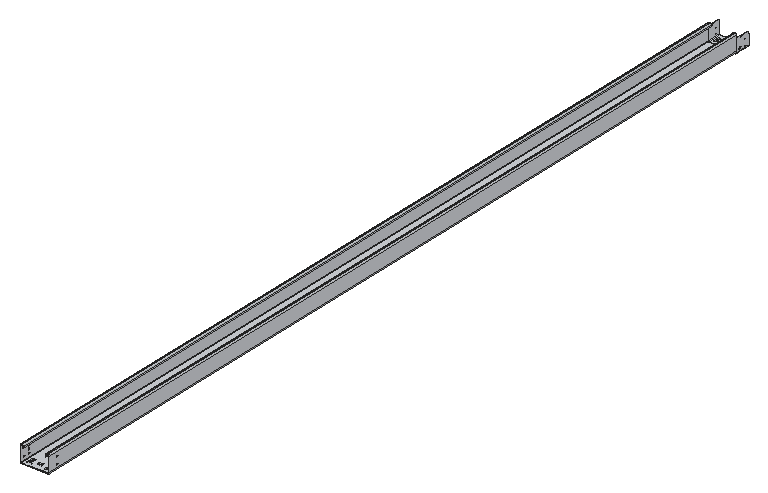
Revit family "SKSMUKabelrinne SKS-Magic® 60 ungelocht FS_FT_A2_610_615_620_630_640_650_660", category Generic Models, Revit 2017
Family settings
  Can host rebar = No
  Round Connector Dimension = Use Diameter
  Part Type = Normal
  Work Plane-Based = No
  Always vertical = Yes
  Cut with Voids When Loaded = No
  Shared = No
  Room Calculation Point = No
Parameters (values of type "SKSMU 610 A2")
  Width 2 = 6.5 mm
  Width 1 = Width / 2  # 50 mm
  Width = 100 mm
  URL = "http://www.obo-bettermann.com"
  Material = Edelstahl, rostfrei 1.4301
  Manufacturer Art.No. = "6059722"
  Manufacturer = "OBO BETTERMANN"
  Length 2 = 49.812 mm
  Length 1 = 3000 mm
  Length = 3050 mm
  GTIN = "4012195830689"
  Cut's number = 2
  Article Type = "SKSMU 610 A2"
Types (21, lengths in mm): name | Width 1 | Width | Material | Manufacturer Art.No. | GTIN | Article Type
  (no name) | 50 | 100 | Edelstahl, rostfrei 1.4301 | "6059722" | "4012195830689" | "SKSMU 610 A2"
  SKSMU 610 FS | 50 | 100 | Strip-galvanised | "6059688" | "4012195829843" | "SKSMU 610 FS"
  SKSMU 615 FS | 75 | 150 | Strip-galvanised | "6059690" | "4012195829850" | "SKSMU 615 FS"
  SKSMU 620 FS | 100 | 200 | Strip-galvanised | "6059692" | "4012195829867" | "SKSMU 620 FS"
  SKSMU 630 FS | 150 | 300 | Hot-dip galvanised | "6059694" | "4012195829874" | "SKSMU 630 FS"
  SKSMU 640 FS | 200 | 400 | Hot-dip galvanised | "6059696" | "4012195829881" | "SKSMU 640 FS"
  SKSMU 650 FS | 250 | 500 | Strip-galvanised | "6059698" | "4012195829898" | "SKSMU 650 FS"
  SKSMU 660 FS | 300 | 600 | Strip-galvanised | "6059700" | "4012195829904" | "SKSMU 660 FS"
  SKSMU 610 A2 | 50 | 100 | Edelstahl, rostfrei 1.4301 | "6059722" | "4012195830689" | "SKSMU 610 A2"
  SKSMU 620 A2 | 100 | 200 | Edelstahl, rostfrei 1.4301 | "6059726" | "4012195830702" | "SKSMU 620 A2"
  SKSMU 630 A2 | 150 | 300 | Edelstahl, rostfrei 1.4301 | "6059728" | "4012195830740" | "SKSMU 630 A2"
  SKSMU 640 A2 | 200 | 400 | Edelstahl, rostfrei 1.4301 | "6059730" | "4012195830757" | "SKSMU 640 A2"
  SKSMU 650 A2 | 250 | 500 | Edelstahl, rostfrei 1.4301 | "6059732" | "4012195830764" | "SKSMU 650 A2"
  SKSMU 660 A2 | 300 | 600 | Edelstahl, rostfrei 1.4301 | "6059734" | "4012195830795" | "SKSMU 660 A2"
  SKSMU 610 FT | 50 | 100 | Hot-dip galvanised | "6059705" | "4012195829911" | "SKSMU 610 FT"
  SKSMU 615 FT | 75 | 150 | Hot-dip galvanised | "6059707" | "4012195829928" | "SKSMU 615 FT"
  SKSMU 620 FT | 100 | 200 | Hot-dip galvanised | "6059709" | "4012195830634" | "SKSMU 620 FT"
  SKSMU 650 FT | 250 | 500 | Hot-dip galvanised | "6059715" | "4012195830665" | "SKSMU 650 FT"
  SKSMU 660 FT | 300 | 600 | Hot-dip galvanised | "6059717" | "4012195830672" | "SKSMU 660 FT"
  SKSMU 630 FT | 150 | 300 | Hot-dip galvanised | "6059711" | "4012195830641" | "SKSMU 630 FT"
  SKSMU 640 FT | 200 | 400 | Hot-dip galvanised | "6059713" | "4012195830658" | "SKSMU 640 FT"
Reference planes
  plane 1 "Center (Front/Back)": y = 0
  plane 2: z = 0
  plane 3 "Center (Left/Right)": x = 0
  plane 4: z = 60
  plane 5: z = 54
  plane 6: x = -43.935
  plane 7: z = 51
  plane 8: z = 51.02
  plane 9: x = 43.979
  plane 10: z = 54
  plane 11: x = -31
  plane 12: x = 31
  plane 13: z = -3.5
  plane 14: y = 3050
  plane 15: z = 46.45
  plane 16: z = 46.45
  plane 17: z = -5.8
  plane 18: x = -31
  plane 19: x = 31
  plane 20: y = 36.35
  plane 21: z = -5.8
  plane 22: y = 35.85
  plane 23: z = 14
  plane 24: z = 39
  plane 25: y = 35.85
  plane 26: z = 14
  plane 27: y = 35.85
  plane 28: z = 39
  plane 29: y = 35.85
  plane 30: y = 3020
  plane 31: z = -0.75
  plane 32: z = 21.5
  plane 33: y = 3022
  plane 34: z = 15.2
  plane 35: z = -0.8
  plane 36: y = 3035
  plane 37: z = 8.7
  plane 38: z = -2.3
  plane 39: y = 3035
  plane 40: z = 28.85
  plane 41: z = -0.75
  plane 42: z = -2.3
  plane 43: z = 8.7
  plane 44: y = 3035
  plane 45: y = 3022.491
  plane 46: y = 3017.491
  plane 47: x = 0.74
  plane 48: y = 3024.58
  plane 49: y = 3024.58
  plane 50: x = -31
  plane 51: x = 31
  plane 52: x = 0
  plane 53: y = 3032.58
  plane 54: y = 3016.58
  plane 55 "2": x = -5
  plane 56 "1": y = 29.1
  plane 57: y = 21.1
  plane 58: x = 6
  plane 59: x = 6
  plane 60: x = -3
  plane 61: y = 35.85
  plane 62: z = 27.5
  plane 63: z = 0
  plane 64: z = 13.5
  plane 65: y = 14.7
  plane 66: z = 14.186
Forms (mm)
  Extrusion 1, solid
    sketch origin (0, 0, 0) x (1, 0, 0) y (0, 0, 1)
      loop
        line (-47.641, 0) -> (47.503, 0)
        arc (47.503, 0) -> (49.269, 0.731) -> (50, 2.497) r 2.497
        line (50, 2.497) -> (50, 54.379)
        arc (50, 54.379) -> (44.394, 59.984) -> (38.789, 54.379) r 5.606
        line (38.789, 54.379) -> (38.789, 51.02) -> (40.289, 51.02) -> (40.289, 54.379)
        arc (40.289, 54.379) -> (44.394, 58.484) -> (48.5, 54.379) r 4.106
        line (48.5, 54.379) -> (48.5, 2.497)
        arc (48.5, 2.497) -> (48.208, 1.792) -> (47.503, 1.5) r 0.997
        line (47.503, 1.5) -> (-47.641, 1.5)
        arc (-47.641, 1.5) -> (-48.248, 1.752) -> (-48.5, 2.359) r 0.859
        line (-48.5, 2.359) -> (-48.5, 54.354)
        arc (-48.5, 54.354) -> (-44.33, 58.524) -> (-40.161, 54.354) r 4.17
        line (-40.161, 54.354) -> (-40.161, 51) -> (-38.661, 51) -> (-38.661, 54.354)
        arc (-38.661, 54.354) -> (-44.33, 60.024) -> (-50, 54.354) r 5.67
        line (-50, 54.354) -> (-50, 2.359)
        arc (-50, 2.359) -> (-49.309, 0.691) -> (-47.641, 0) r 2.359
    from 0 to -3000.188
  Extrusion 2, solid
    sketch origin (0, 0, 0) x (1, 0, 0) y (0, 0, 1)
      loop
        line (-50, 46.45) -> (-52.3, 46.45) -> (-52.3, 2.5)
        arc (-52.3, 2.5) -> (-50.894, -0.894) -> (-47.5, -2.3) r 4.8
        line (-47.5, -2.3) -> (47.5, -2.3)
        arc (47.5, -2.3) -> (50.894, -0.894) -> (52.3, 2.5) r 4.8
        line (52.3, 2.5) -> (52.3, 46.45) -> (50, 46.45) -> (50, 2.5)
        arc (50, 2.5) -> (49.268, 0.732) -> (47.5, 0) r 2.5
        line (47.5, 0) -> (-47.5, 0)
        arc (-47.5, 0) -> (-49.268, 0.732) -> (-50, 2.5) r 2.5
        line (-50, 2.5) -> (-50, 46.45)
    from -3050 to -3000.188
  Extrusion 3, solid
    sketch origin (0, 0, 0) x (1, 0, 0) y (0, 0, 1)
      loop
        line (-31.068, -5.761) -> (-21.09, 0) -> (-25.554, 0) -> (-31, -3.144) -> (-36.446, 0) -> (-41.046, 0) -> (-31.068, -5.761)
      loop
        line (31, -5.8) -> (41.046, 0) -> (36.446, 0) -> (31, -3.144) -> (25.554, 0) -> (20.954, 0) -> (31, -5.8)
    from -36.35 to -29.85
  Extrusion 4, solid
    sketch origin (0, 0, 0) x (1, 0, 0) y (0, 0, 1)
      loop
        line (-41.046, 0) -> (-31.068, -5.761) -> (-21.09, 0) -> (-25.554, 0) -> (-31, -3.144) -> (-36.446, 0) -> (-41.046, 0)
      loop
        line (20.954, 0) -> (31, -5.8) -> (41.046, 0) -> (36.446, 0) -> (31, -3.144) -> (25.554, 0) -> (20.954, 0)
    from -20.3 to -13.8
  Extrusion 5, void
    sketch origin (0, 0, 0) x (1, 0, 0) y (0, 1, 0)
      loop
        line (-36.446, 36.35) -> (-36.446, 29.85) -> (-25.554, 29.85) -> (-25.554, 36.35) -> (-36.446, 36.35)
      loop
        line (-36.446, 20.3) -> (-36.446, 13.8) -> (-25.554, 13.8) -> (-25.554, 20.3) -> (-36.446, 20.3)
      loop
        line (25.554, 36.35) -> (25.554, 29.85) -> (36.446, 29.85) -> (36.446, 36.35) -> (25.554, 36.35)
      loop
        line (25.554, 20.3) -> (25.554, 13.8) -> (36.446, 13.8) -> (36.446, 20.3) -> (25.554, 20.3)
    from 0 to 1.5
  Extrusion 6, void
    sketch origin (0, 0, 0) x (0, 1, 0) y (0, 0, 1)
      loop
        arc (31.85, 17.5) -> (28.35, 14) -> (31.85, 10.5) r 3.5
        line (31.85, 10.5) -> (39.85, 10.5)
        arc (39.85, 10.5) -> (43.35, 14) -> (39.85, 17.5) r 3.5
        line (39.85, 17.5) -> (31.85, 17.5)
    from 48.5 to 50
  Extrusion 7, void
    sketch origin (0, 0, 0) x (0, 1, 0) y (0, 0, 1)
      loop
        arc (31.654, 42.107) -> (28.35, 38.804) -> (31.654, 35.5) r 3.304
        line (31.654, 35.5) -> (40.046, 35.5)
        arc (40.046, 35.5) -> (43.35, 38.804) -> (40.046, 42.107) r 3.304
        line (40.046, 42.107) -> (31.654, 42.107)
    from 48.5 to 50
  Extrusion 8, void
    sketch origin (0, 0, 0) x (0, 1, 0) y (0, 0, 1)
      loop
        line (39.85, 17.5) -> (31.85, 17.5)
        arc (31.85, 17.5) -> (28.35, 14) -> (31.85, 10.5) r 3.5
        line (31.85, 10.5) -> (39.85, 10.5)
        arc (39.85, 10.5) -> (43.35, 14) -> (39.85, 17.5) r 3.5
    from -50 to -48.5
  Extrusion 9, void
    sketch origin (0, 0, 0) x (0, 1, 0) y (0, 0, 1)
      loop
        line (40.046, 42.107) -> (31.654, 42.107)
        arc (31.654, 42.107) -> (28.35, 38.804) -> (31.654, 35.5) r 3.304
        line (31.654, 35.5) -> (40.046, 35.5)
        arc (40.046, 35.5) -> (43.35, 38.804) -> (40.046, 42.107) r 3.304
    from -50 to -48.5
  Extrusion 10, void
    sketch origin (0, 0, 0) x (0, 1, 0) y (0, 0, 1)
      loop
        line (3050, 46.45) -> (3046.996, 46.45) -> (3050, 38.196) -> (3050, 46.45)
    from 50 to 52.3
  Extrusion 11, void
    sketch origin (0, 0, 0) x (0, 1, 0) y (0, 0, 1)
      loop
        line (3020, 21.5) -> (3022.491, 21.5) -> (3022.491, 38.149) -> (3025.513, 46.45) -> (3014.466, 46.45) -> (3017.491, 38.137) -> (3017.491, 23)
        arc (3017.491, 23) -> (3017.931, 21.939) -> (3018.991, 21.5) r 1.5
        line (3018.991, 21.5) -> (3020, 21.5)
    from 50 to 52.3
  Extrusion 12, void
    sketch origin (0, 0, 0) x (0, 1, 0) y (0, 0, 1)
      loop
        arc (3009.25, 15.2) -> (3005, 10.95) -> (3009.25, 6.7) r 4.25
        line (3009.25, 6.7) -> (3017.598, 6.7)
        arc (3017.598, 6.7) -> (3021.848, 10.95) -> (3017.598, 15.2) r 4.25
        line (3017.598, 15.2) -> (3009.25, 15.2)
    from 50 to 52.3
  Extrusion 13, void
    sketch origin (0, 0, 0) x (0, 1, 0) y (0, 0, 1)
      loop
        circle (3035, 8.7) r 4.5
    from 50 to 52.3
  Extrusion 14, void
    sketch origin (0, 0, 0) x (0, 1, 0) y (0, 0, 1)
      loop
        arc (3030.5, 30.85) -> (3030.146, 30.704) -> (3030, 30.35) r 0.5
        line (3030, 30.35) -> (3030, 27.35)
        arc (3030, 27.35) -> (3030.146, 26.996) -> (3030.5, 26.85) r 0.5
        line (3030.5, 26.85) -> (3039.5, 26.85)
        arc (3039.5, 26.85) -> (3039.854, 26.996) -> (3040, 27.35) r 0.5
        line (3040, 27.35) -> (3040, 30.35)
        arc (3040, 30.35) -> (3039.854, 30.704) -> (3039.5, 30.85) r 0.5
        line (3039.5, 30.85) -> (3030.5, 30.85)
    from 50 to 52.3
  Extrusion 15, void
    sketch origin (0, 0, 0) x (0, 1, 0) y (0, 0, 1)
      loop
        line (3050, 46.45) -> (3046.996, 46.45) -> (3050, 38.196) -> (3050, 46.45)
    from -52.3 to -50
  Extrusion 16, void
    sketch origin (0, 0, 0) x (0, 1, 0) y (0, 0, 1)
      loop
        circle (3035, 8.7) r 4.5
    from -52.3 to -50
  Extrusion 17, void
    sketch origin (0, 0, 0) x (0, 1, 0) y (0, 0, 1)
      loop
        line (3025.513, 46.45) -> (3014.466, 46.45) -> (3017.491, 38.137) -> (3017.491, 23)
        arc (3017.491, 23) -> (3017.931, 21.939) -> (3018.991, 21.5) r 1.5
        line (3018.991, 21.5) -> (3022.491, 21.5) -> (3022.491, 38.149) -> (3025.513, 46.45)
    from -52.3 to -50
  Extrusion 18, void
    sketch origin (0, 0, 0) x (0, 1, 0) y (0, 0, 1)
      loop
        line (3039.5, 30.85) -> (3030.5, 30.85)
        arc (3030.5, 30.85) -> (3030.146, 30.704) -> (3030, 30.35) r 0.5
        line (3030, 30.35) -> (3030, 27.35)
        arc (3030, 27.35) -> (3030.146, 26.996) -> (3030.5, 26.85) r 0.5
        line (3030.5, 26.85) -> (3039.5, 26.85)
        arc (3039.5, 26.85) -> (3039.854, 26.996) -> (3040, 27.35) r 0.5
        line (3040, 27.35) -> (3040, 30.35)
        arc (3040, 30.35) -> (3039.854, 30.704) -> (3039.5, 30.85) r 0.5
    from -52.3 to -50
  Extrusion 19, void
    sketch origin (0, 0, 0) x (1, 0, 0) y (0, 1, 0)
      loop
        line (-7.26, 3028.08) -> (-7.26, 3021.08) -> (8.74, 3021.08) -> (8.74, 3028.08) -> (-7.26, 3028.08)
    from -2.3 to 0
  Extrusion 20, void
    sketch origin (0, 0, 0) x (1, 0, 0) y (0, 1, 0)
      loop
        line (23, 3036.38) -> (23, 3028.78) -> (39, 3028.78) -> (39, 3036.38) -> (23, 3036.38)
      loop
        line (23, 3020.341) -> (23, 3012.741) -> (39, 3012.741) -> (39, 3020.341) -> (23, 3020.341)
      loop
        line (-39, 3036.38) -> (-39, 3028.78) -> (-23, 3028.78) -> (-23, 3036.38) -> (-39, 3036.38)
      loop
        line (-39, 3020.341) -> (-39, 3012.741) -> (-23, 3012.741) -> (-23, 3020.341) -> (-39, 3020.341)
    from -2.3 to 0
  Extrusion 21, void
    sketch origin (0, 0, 0) x (1, 0, 0) y (0, 1, 0)
      loop
        arc (-6, 30.1) -> (-6.707, 29.807) -> (-7, 29.1) r 1
        line (-7, 29.1) -> (-7, 21.1)
        arc (-7, 21.1) -> (-6.707, 20.393) -> (-6, 20.1) r 1
        line (-6, 20.1) -> (6.045, 20.1)
        arc (6.045, 20.1) -> (7.064, 21.118) -> (6.045, 22.137) r 1.018
        line (6.045, 22.137) -> (-3.101, 23.098)
        arc (-3.101, 23.098) -> (-5, 25.276) -> (-2.758, 27.1) r 2.009
        line (-2.758, 27.1) -> (6.086, 28.111)
        arc (6.086, 28.111) -> (6.968, 29.159) -> (5.972, 30.1) r 0.997
        line (5.972, 30.1) -> (-6, 30.1)
    from 0 to 1.5
  Extrusion 22, void
    sketch origin (0, 0, 0) x (0, 1, 0) y (0, 0, 1)
      loop
        line (39.85, 31.5) -> (31.85, 31.5) -> (31.85, 23.5) -> (39.85, 23.5) -> (39.85, 31.5)
    from -50 to -48.5
  Extrusion 23, void
    sketch origin (0, 0, 0) x (0, 1, 0) y (0, 0, 1)
      loop
        line (18.7, 17.5) -> (10.7, 17.5)
        arc (10.7, 17.5) -> (6.7, 13.5) -> (10.7, 9.5) r 4
        line (10.7, 9.5) -> (18.7, 9.5)
        arc (18.7, 9.5) -> (22.7, 13.5) -> (18.7, 17.5) r 4
    from -50 to -48.5
Cuts and joins
  Extrusion 5, Extrusion 6, Extrusion 7, Extrusion 8, Extrusion 9, Extrusion 21, Extrusion 22, Extrusion 23 cuts Extrusion 1
  Extrusion 10, Extrusion 11, Extrusion 12, Extrusion 13, Extrusion 14, Extrusion 15, Extrusion 16, Extrusion 17, Extrusion 18, Extrusion 19, Extrusion 20 cuts Extrusion 2
Dimensions and locks
  locked: plane 4 to level at 60
  plane 4 to plane 7 = 9 mm
  plane 4 to plane 8 = 8.98 mm
  plane 3 "Center (Left/Right)" to plane 11 = 31 mm
  plane 12 to plane 3 "Center (Left/Right)" = 31 mm
  Extrusion 1 sketch curve to plane 13 = 3.5 mm
  "Width": Extrusion 1 sketch curve to Extrusion 1 sketch curve
  "Width 1": plane 3 "Center (Left/Right)" to Extrusion 1 sketch curve
  locked: Extrusion 1 sketch curve to Extrusion 1 sketch curve at 60.024
  locked: Extrusion 1 sketch curve to Extrusion 1 sketch curve at 59.984
  "Length": plane 1 "Center (Front/Back)" to plane 14
  locked: Extrusion 1 sketch curve to Extrusion 1 sketch curve at 49.52
  locked: Extrusion 1 sketch curve to Extrusion 1 sketch curve at 57.024
  locked: Extrusion 1 sketch curve to Extrusion 1 sketch curve at 56.984
  locked: plane 16 to Extrusion 2 sketch curve at 48.75
  locked: Extrusion 2 sketch curve to Extrusion 1 at 2.3  (x2)
  locked: Extrusion 2 to Extrusion 2 at 49.812
  locked: Extrusion 2 to plane 17 at 3.5
  locked: plane 3 "Center (Left/Right)" to plane 18 at 31
  locked: plane 19 to plane 3 "Center (Left/Right)" at 31
  locked: plane 15 to Extrusion 2 at 48.75
  locked: plane 1 "Center (Front/Back)" to plane 20 at 36.35
  "Width 2": Extrusion 3 to Extrusion 3
  locked: Extrusion 3 sketch curve to Extrusion 3 sketch curve at 2.232
  locked: Extrusion 3 sketch curve to Extrusion 3 sketch curve at 2.3  (x3)
  locked: Extrusion 3 to Extrusion 3 at 2.3  (x3)
  locked: Extrusion 3 to Extrusion 3 at 2.232
  locked: Extrusion 2 to plane 21 at 3.5
  locked: plane 3 "Center (Left/Right)" to Extrusion 4 sketch curve at 31.068
  locked: Extrusion 4 sketch curve to plane 3 "Center (Left/Right)" at 31
  "Width 2": Extrusion 4 to Extrusion 4
  locked: cut or joined group 1 (Extrusion 1, Extrusion 5, Extrusion 6, Extrusion 7, Extrusion 8, Extrusion 9, Extrusion 21, Extrusion 22, Extrusion 23) to plane 22 at 35.85
  locked: plane 23 to level at 14
  locked: Extrusion 6 sketch curve to Extrusion 6 sketch curve at 7
  locked: plane 23 to Extrusion 6 sketch curve at 3.5
  locked: plane 22 to Extrusion 6 sketch curve at 7.5
  locked: Extrusion 6 sketch curve to plane 22 at 7.5
  locked: plane 24 to level at 39
  locked: cut or joined group 1 to plane 25 at 35.85
  locked: plane 24 to Extrusion 7 sketch curve at 3.5
  locked: Extrusion 7 sketch curve to Extrusion 7 sketch curve at 6.607
  locked: Extrusion 7 sketch curve to plane 25 at 7.5
  locked: plane 25 to Extrusion 7 sketch curve at 7.5
  locked: plane 27 to cut or joined group 1 at 35.85
  locked: plane 26 to level at 14
  locked: plane 27 to cut or joined group 1 at 7.5
  locked: cut or joined group 1 to plane 27 at 7.5
  locked: cut or joined group 1 to plane 26 at 3.5
  locked: plane 29 to plane 1 "Center (Front/Back)" at 35.85
  locked: plane 28 to level at 39
  locked: cut or joined group 1 to cut or joined group 1 at 6.607
  locked: cut or joined group 1 to plane 28 at 3.107
  locked: plane 29 to cut or joined group 1 at 7.5
  locked: cut or joined group 1 to plane 29 at 7.5
  plane 30 to plane 14 = 30 mm
  locked: plane 32 to plane 31 at 22.25
  locked: Extrusion 11 sketch curve to Extrusion 11 sketch curve at 5
  locked: cut or joined group 2 (Extrusion 2, Extrusion 10, Extrusion 11, Extrusion 12, Extrusion 13, Extrusion 14, Extrusion 15, Extrusion 16, Extrusion 17, Extrusion 18, Extrusion 19, Extrusion 20) to plane 35 at 47.25
  locked: plane 33 to cut or joined group 2 at 28
  locked: cut or joined group 2 to plane 34 at 31.25
  locked: Extrusion 12 sketch curve to Extrusion 12 sketch curve at 8.5
  locked: Extrusion 12 sketch curve to plane 33 at 17
  locked: Extrusion 12 sketch curve to plane 33 at 0.152
  locked: plane 36 to plane 14 at 15
  locked: cut or joined group 2 to plane 38 at 48.75
  locked: plane 37 to plane 38 at 11
  locked: Extrusion 13 sketch curve to plane 38 at 6.5
  locked: Extrusion 13 sketch curve to plane 14 at 10.5
  locked: plane 39 to plane 14 at 15
  locked: cut or joined group 2 to plane 41 at 47.2
  locked: plane 40 to plane 41 at 29.6
  locked: Extrusion 14 sketch curve to Extrusion 14 sketch curve at 4
  locked: plane 40 to Extrusion 14 sketch curve at 2
  locked: Extrusion 14 sketch curve to Extrusion 14 sketch curve at 10
  locked: Extrusion 14 sketch curve to plane 39 at 5
  locked: cut or joined group 2 to plane 42 at 48.75
  locked: plane 43 to plane 42 at 11
  locked: plane 14 to plane 44 at 15
  locked: plane 14 to cut or joined group 2 at 10.5
  locked: cut or joined group 2 to plane 42 at 6.5
  locked: cut or joined group 2 to cut or joined group 2 at 24.95
  locked: cut or joined group 2 to cut or joined group 2 at 5
  locked: cut or joined group 2 to cut or joined group 2 at 17.304
  locked: cut or joined group 2 to cut or joined group 2 at 4
  locked: cut or joined group 2 to cut or joined group 2 at 10
  locked: cut or joined group 2 to cut or joined group 2 at 29.812
  locked: cut or joined group 2 to cut or joined group 2 at 15.6
  locked: plane 14 to plane 48 at 25.42
  locked: Extrusion 19 sketch curve to Extrusion 19 sketch curve at 7
  locked: Extrusion 19 sketch curve to Extrusion 19 sketch curve at 16
  locked: plane 48 to Extrusion 19 sketch curve at 3.5
  locked: Extrusion 19 sketch curve to plane 47 at 8
  locked: plane 14 to plane 49 at 25.42
  locked: plane 50 to plane 52 at 31
  locked: plane 52 to plane 51 at 31
  locked: plane 53 to plane 49 at 8
  locked: plane 49 to plane 54 at 8
  locked: Extrusion 20 sketch curve to Extrusion 20 sketch curve at 7.6  (x2)
  locked: plane 53 to Extrusion 20 sketch curve at 3.8
  locked: Extrusion 20 sketch curve to Extrusion 20 sketch curve at 16  (x2)
  locked: plane 51 to Extrusion 20 sketch curve at 8
  locked: plane 54 to Extrusion 20 sketch curve at 3.761
  locked: plane 50 to Extrusion 20 sketch curve at 8
  locked: Extrusion 21 sketch curve to plane 3 "Center (Left/Right)" at 7
  locked: Extrusion 21 sketch curve to Extrusion 21 sketch curve at 10
  locked: Extrusion 21 sketch curve to Extrusion 21 sketch curve at 14.064
  locked: Extrusion 21 sketch curve to Extrusion 21 sketch curve at 13.97
  locked: Extrusion 21 sketch curve to plane 3 "Center (Left/Right)" at 5.007
  locked: plane 62 to plane 63 at 27.5
  locked: plane 61 to plane 1 "Center (Front/Back)" at 35.85
  locked: Extrusion 22 sketch curve to Extrusion 22 sketch curve at 8  (x2)
  locked: plane 62 to Extrusion 22 sketch curve at 4
  locked: Extrusion 22 sketch curve to plane 61 at 4
  locked: plane 65 to plane 1 "Center (Front/Back)" at 14.7
  locked: plane 64 to level at 13.5
  locked: Extrusion 23 sketch curve to Extrusion 23 sketch curve at 8
  locked: plane 64 to Extrusion 23 sketch curve at 4
  locked: plane 65 to Extrusion 23 sketch curve at 8
  locked: Extrusion 23 sketch curve to plane 65 at 8
  locked: Extrusion 3 sketch curve to Extrusion 3 sketch curve (angle 120.00°)  (x2)
  locked: Extrusion 3 to Extrusion 3 (angle 120.00°)  (x2)
  locked: Extrusion 2 to Extrusion 10 sketch curve (angle 20.00°)
  locked: Extrusion 15 sketch curve to cut or joined group 2 (angle 20.00°)
  locked: cut or joined group 2 to plane 46 (angle 20.00°)
  locked: plane 45 to cut or joined group 2 (angle 20.00°)
  aligned and locked: level to plane 2
  aligned and locked: Extrusion 1 to level
  aligned and locked: Extrusion 1 sketch curve to plane 7
  aligned and locked: Extrusion 2 sketch curve to plane 16  (x2)
  aligned and locked: Extrusion 1 to Extrusion 2 sketch curve  (x2)
  aligned and locked: Extrusion 2 sketch curve to level
  aligned and locked: plane 14 to Extrusion 2
  aligned and locked: Extrusion 2 to Extrusion 1
  aligned and locked: plane 20 to Extrusion 3
  aligned and locked: level to Extrusion 3 sketch curve  (x2)
  aligned and locked: Extrusion 3 sketch curve to plane 2  (x2)
  aligned and locked: Extrusion 3 to Extrusion 1  (x4)
  aligned and locked: Extrusion 4 sketch curve to level  (x4)
  aligned and locked: Extrusion 4 to Extrusion 1  (x4)
  aligned and locked: Extrusion 5 sketch curve to plane 20
  aligned and locked: Extrusion 5 sketch curve to Extrusion 3  (x7)
  aligned and locked: Extrusion 5 sketch curve to Extrusion 4  (x8)
  aligned and locked: Extrusion 5 to level
  aligned and locked: Extrusion 1 to Extrusion 6  (x2)
  aligned and locked: Extrusion 1 to Extrusion 7
  aligned and locked: Extrusion 8 sketch curve to cut or joined group 1  (x2)
  aligned and locked: Extrusion 1 to Extrusion 8
  aligned and locked: Extrusion 9 sketch curve to cut or joined group 1  (x2)
  aligned and locked: Extrusion 1 to Extrusion 9
  aligned and locked: plane 14 to Extrusion 10 sketch curve
  aligned and locked: Extrusion 10 sketch curve to plane 15
  aligned and locked: Extrusion 10 to Extrusion 2
  aligned and locked: Extrusion 2 to Extrusion 10
  aligned and locked: Extrusion 11 sketch curve to cut or joined group 2
  aligned and locked: Extrusion 11 sketch curve to plane 32
  aligned and locked: Extrusion 11 to Extrusion 2
  aligned and locked: Extrusion 2 to Extrusion 11
  aligned and locked: Extrusion 12 sketch curve to plane 34
  aligned and locked: Extrusion 2 to Extrusion 12  (x2)
  aligned and locked: Extrusion 2 to Extrusion 13  (x2)
  aligned and locked: Extrusion 2 to Extrusion 14  (x2)
  aligned and locked: Extrusion 15 sketch curve to plane 15
  aligned and locked: plane 14 to Extrusion 15 sketch curve
  aligned and locked: Extrusion 15 to Extrusion 2
  aligned and locked: Extrusion 2 to Extrusion 15
  aligned and locked: Extrusion 2 to Extrusion 16  (x2)
  aligned and locked: Extrusion 17 sketch curve to plane 15
  aligned and locked: Extrusion 17 sketch curve to cut or joined group 2  (x2)
  aligned and locked: Extrusion 17 to Extrusion 11  (x4)
  aligned and locked: Extrusion 2 to Extrusion 17
  aligned and locked: Extrusion 17 to Extrusion 2
  aligned and locked: Extrusion 18 sketch curve to cut or joined group 2  (x4)
  aligned and locked: Extrusion 18 to Extrusion 14  (x4)
  aligned and locked: Extrusion 2 to Extrusion 18  (x2)
  aligned and locked: Extrusion 2 to Extrusion 19
  aligned and locked: level to Extrusion 19
  aligned and locked: Extrusion 20 sketch curve to Extrusion 20 sketch curve  (x8)
  aligned and locked: Extrusion 2 to Extrusion 20
  aligned and locked: level to Extrusion 20
  aligned and locked: Extrusion 21 to level
  aligned and locked: Extrusion 1 to Extrusion 21
  aligned and locked: Extrusion 5 to Extrusion 21
  aligned and locked: level to plane 63
  aligned and locked: Extrusion 1 to Extrusion 22
  aligned and locked: Extrusion 22 to Extrusion 8
  aligned and locked: Extrusion 1 to Extrusion 23  (x2)
Automatic sketch dimensions
  Extrusion 2 sketch curve to Extrusion 2 sketch curve = 0 mm  (x2)
  Extrusion 2 sketch curve to Extrusion 2 sketch curve = 2.5 mm
  level to Extrusion 2 sketch curve = 2.5 mm
  Extrusion 3 sketch curve to plane 18 = 0 mm
  Extrusion 3 sketch curve to plane 19 = 0 mm  (x2)
  Extrusion 3 sketch curve to plane 17 = 0 mm
  plane 17 to Extrusion 3 sketch curve = 0.039 mm
  Extrusion 3 sketch curve to plane 18 = 0.068 mm
  Extrusion 4 sketch curve to Extrusion 4 sketch curve = 4.6 mm  (x3)
  Extrusion 4 sketch curve to level = 5.761 mm
  Extrusion 4 sketch curve to Extrusion 4 sketch curve = 5.378 mm
  Extrusion 4 sketch curve to level = 3.144 mm  (x2)
  Extrusion 4 sketch curve to Extrusion 4 sketch curve = 0.068 mm
  Extrusion 4 sketch curve to Extrusion 4 sketch curve = 5.446 mm  (x3)
  Extrusion 4 sketch curve to Extrusion 4 sketch curve = 4.464 mm
  Extrusion 4 sketch curve to level = 5.8 mm
  Extrusion 4 sketch curve to Extrusion 4 sketch curve = 0 mm
  plane 27 to Extrusion 8 sketch curve = 4 mm
  plane 20 to Extrusion 8 sketch curve = 3.5 mm
  plane 29 to Extrusion 9 sketch curve = 4.196 mm
  plane 20 to Extrusion 9 sketch curve = 3.696 mm
  Extrusion 9 sketch curve to Extrusion 9 sketch curve = 0 mm
  Extrusion 10 sketch curve to plane 14 = 3.004 mm
  Extrusion 11 sketch curve to plane 30 = 0 mm
  Extrusion 11 sketch curve to plane 30 = 1.009 mm
  plane 32 to Extrusion 11 sketch curve = 1.5 mm
  Extrusion 11 sketch curve to plane 30 = 5.534 mm
  plane 30 to Extrusion 11 sketch curve = 5.513 mm
  Extrusion 11 sketch curve to plane 15 = 8.313 mm
  Extrusion 11 sketch curve to Extrusion 11 sketch curve = 0.012 mm
  Extrusion 13 sketch curve to plane 36 = 0 mm
  Extrusion 14 sketch curve to Extrusion 14 sketch curve = 0.5 mm  (x4)
  Extrusion 15 sketch curve to plane 14 = 3.004 mm
  Extrusion 16 sketch curve to plane 43 = 0 mm
  Extrusion 16 sketch curve to plane 44 = 0 mm
  Extrusion 17 sketch curve to Extrusion 17 sketch curve = 3.026 mm
  Extrusion 17 sketch curve to Extrusion 17 sketch curve = 1.5 mm
  Extrusion 17 sketch curve to Extrusion 17 sketch curve = 3.021 mm
  Extrusion 17 sketch curve to plane 15 = 8.301 mm
  Extrusion 17 sketch curve to Extrusion 17 sketch curve = 0.012 mm
  Extrusion 17 sketch curve to Extrusion 17 sketch curve = 15.137 mm
  Extrusion 18 sketch curve to Extrusion 18 sketch curve = 0.5 mm  (x4)
  Extrusion 21 sketch curve to plane 56 "1" = 0 mm
  Extrusion 21 sketch curve to plane 57 = 0 mm
  Extrusion 21 sketch curve to plane 60 = 0.101 mm
  plane 60 to Extrusion 21 sketch curve = 0.003 mm
  Extrusion 21 sketch curve to plane 58 = 0.028 mm
  plane 58 to Extrusion 21 sketch curve = 0.086 mm
  Extrusion 21 sketch curve to plane 57 = 0.018 mm
  Extrusion 21 sketch curve to plane 55 "2" = 1 mm
  plane 60 to Extrusion 21 sketch curve = 0.242 mm
  Extrusion 1 sketch curve to Extrusion 1 sketch curve = 0 mm  (x7)
  Extrusion 1 sketch curve to Extrusion 1 sketch curve = 0.859 mm
  plane 5 to Extrusion 1 sketch curve = 0.354 mm
  plane 5 to Extrusion 1 sketch curve = 0.379 mm
  Extrusion 1 sketch curve to Extrusion 1 sketch curve = 0.997 mm
  radius of Extrusion 16 sketch curve = 4.5 mm
